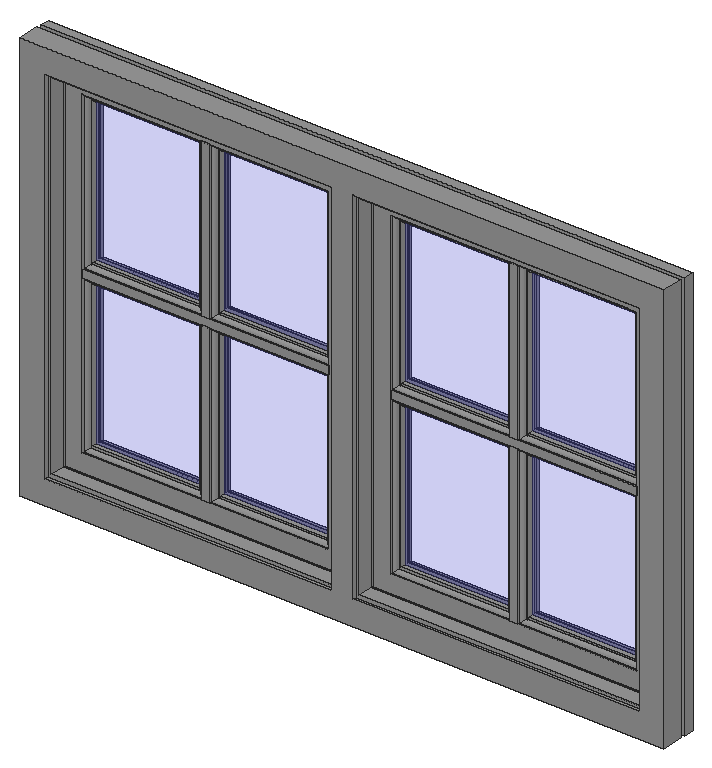
Revit family "MD22SP", category Windows, host Wall, Revit 2015
Parameters (values of type "MD22SP")
  Height = 663 mm
  Default Lintel Height = 2100 mm
  Wall Closure = By host
  Width = 1040 mm
Reference planes
  plane 1 "Center (Front/Back)": y = 0
  plane 2 "Center (Left/Right)": x = 0
  plane 3 "Left": x = -520
  plane 4 "Right": x = 520
  plane 5 "Sill": z = 1437
  plane 6 "Head": z = 2100
  plane 7 "Exterior": y = 100
  plane 8 "Interior": y = -100
  plane 9: y = -28.5
  plane 10: y = 23.5
  plane 11: z = 1768.5
Forms (mm)
  Sweep 1, solid, material "Lauan, Meranti"
    path origin (-10500, 23.5, 2100) x (0, 0, -1) y (-1, 0, 0)
      loop
        line (0, -11020) -> (663, -11020) -> (663, -9980) -> (0, -9980) -> (0, -11020)
    profile origin (0, 23.5, 2100) x (0, 0, 1) y (0, 1, 0)
      loop
        line (0, -10) -> (0, 5) -> (-29, 5) -> (-29, -20) -> (-37.5, -20) -> (-37.5, -26) -> (-40.5, -26) -> (-40.5, -20) -> (-44, -20) -> (-44, -46) -> (-39, -46) -> (-39, -52) -> (0, -52) -> (0, -18) -> (-10, -18) -> (-10, -10) -> (0, -10)
  Extrusion 2, solid, material "Lauan, Meranti"
    sketch origin (0, 0, 0) x (1, 0, 0) y (0, 1, 0)
      loop
        line (22, -22.5) -> (22, 3.5) -> (18.5, 3.5) -> (18.5, -2.5) -> (15.5, -2.5) -> (15.5, 3.5) -> (7, 3.5) -> (7, 28.5) -> (-7, 28.5) -> (-7, 3.5) -> (-15.5, 3.5) -> (-15.5, -2.5) -> (-18.5, -2.5) -> (-18.5, 3.5) -> (-22, 3.5) -> (-22, -22.5) -> (-17, -22.5) -> (-17, -28.5) -> (17, -28.5) -> (17, -22.5) -> (22, -22.5)
    from 1466 to 2071
  Sweep 3, solid, material "Rubber"
    path origin (-10500, 23.5, 2100) x (0, 0, -1) y (-1, 0, 0)
      loop
        line (37.5, -10982.5) -> (625.5, -10982.5) -> (625.5, -10515.5) -> (37.5, -10515.5) -> (37.5, -10982.5)
    profile origin (249, 23.5, 2062.5) x (0, 0, 1) y (0, 1, 0)
      loop
        line (-1.5, -25) -> (0.5, -24.464) -> (-0.5, -24.464) -> (-0.5, -22.698) -> (0.5, -22.43) -> (-0.5, -22.43) -> (-0.5, -20) -> (3.5, -20) -> (3.5, -17) -> (-1.5, -15) -> (-6.5, -17) -> (-6.5, -20) -> (-2.5, -20) -> (-2.5, -22.43) -> (-3.5, -22.43) -> (-2.5, -22.698) -> (-2.5, -24.464) -> (-3.5, -24.464) -> (-1.5, -25)
  Sweep 4, solid, material "Rubber"
    path origin (-10500, 23.5, 2100) x (0, 0, -1) y (-1, 0, 0)
      loop
        line (37.5, -10484.5) -> (625.5, -10484.5) -> (625.5, -10017.5) -> (37.5, -10017.5) -> (37.5, -10484.5)
    profile origin (-249, 23.5, 2062.5) x (0, 0, 1) y (0, 1, 0)
      loop
        line (-0.5, -20) -> (3.5, -20) -> (3.5, -17) -> (-1.5, -15) -> (-6.5, -17) -> (-6.5, -20) -> (-2.5, -20) -> (-2.5, -22.43) -> (-3.5, -22.43) -> (-2.5, -22.698) -> (-2.5, -24.464) -> (-3.5, -24.464) -> (-1.5, -25) -> (0.5, -24.464) -> (-0.5, -24.464) -> (-0.5, -22.698) -> (0.5, -22.43) -> (-0.5, -22.43) -> (-0.5, -20)
  Sweep 5, solid, material "Lauan, Meranti"
    path origin (-10500, 23.5, 2100) x (0, 0, -1) y (-1, 0, 0)
      loop
        line (29, -10991) -> (634, -10991) -> (634, -10507) -> (29, -10507) -> (29, -10991)
    profile origin (249, 23.5, 2071) x (0, 0, 1) y (0, 1, 0)
      loop
        line (-1, 25) -> (-43, 25) -> (-43, 0) -> (-52, 0) -> (-52, -8) -> (-49, -8)
        arc (-49, -8) -> (-47.243, -12.243) -> (-43, -14) r 6
        line (-43, -14) -> (-43, -17) -> (-10, -17) -> (-10, -13) -> (-12, -13) -> (-12, -8) -> (-14, -7.464) -> (-14, -2.536) -> (-12, -2) -> (-12, 5) -> (5, 5) -> (5, 19)
        arc (5, 19) -> (3.242, 23.243) -> (-1, 25) r 6
  Sweep 6, solid, material "Lauan, Meranti"
    path origin (-10500, 23.5, 2100) x (0, 0, -1) y (-1, 0, 0)
      loop
        line (29, -10493) -> (634, -10493) -> (634, -10009) -> (29, -10009) -> (29, -10493)
    profile origin (-249, 23.5, 2071) x (0, 0, 1) y (0, 1, 0)
      loop
        line (-1, 25) -> (-43, 25) -> (-43, 0) -> (-52, 0) -> (-52, -8) -> (-49, -8)
        arc (-49, -8) -> (-47.243, -12.243) -> (-43, -14) r 6
        line (-43, -14) -> (-43, -17) -> (-10, -17) -> (-10, -13) -> (-12, -13) -> (-12, -8) -> (-14, -7.464) -> (-14, -2.536) -> (-12, -2) -> (-12, 5) -> (5, 5) -> (5, 19)
        arc (5, 19) -> (3.242, 23.243) -> (-1, 25) r 6
  Sweep 7, solid, material "Lauan, Meranti"
    path origin (249, 100, 0) x (1, 0, 0) y (0, 0, 1)
      loop
        line (199, 2028) -> (6.5, 2028) -> (6.5, 1775) -> (199, 1775) -> (199, 2028)
    profile origin (351.75, 100, 2028) x (0, 0, -1) y (0, -1, 0)
      loop
        arc (0, 62.1) -> (4.67, 63.734) -> (7, 68.1) r 6.807
        line (7, 68.1) -> (9, 68.1) -> (9, 70.1) -> (0, 70.1) -> (0, 62.1)
  Extrusion 8, solid, material "Lauan, Meranti"
    sketch origin (-22, 0, 0) x (0, -1, 0) y (0, 0, 1)
      loop
        line (-48.5, 1762) -> (-23.5, 1762) -> (-23.5, 1753) -> (-15.5, 1753) -> (-15.5, 1756)
        arc (-15.5, 1756) -> (-11.257, 1757.757) -> (-9.5, 1762) r 6
        line (-9.5, 1762) -> (-6.5, 1762) -> (-6.5, 1775) -> (-9.5, 1775)
        arc (-9.5, 1775) -> (-11.257, 1779.243) -> (-15.5, 1781) r 6
        line (-15.5, 1781) -> (-15.5, 1784) -> (-23.5, 1784) -> (-23.5, 1775) -> (-48.5, 1775) -> (-48.5, 1762)
    from -470 to -72
  Extrusion 9, solid, material "Lauan, Meranti"
    sketch origin (249, 25, 0) x (1, 0, 0) y (0, 1, 0)
      loop
        line (-6.5, 23.5) -> (-6.5, -1.5) -> (-15.5, -1.5) -> (-15.5, -9.5) -> (-12.5, -9.5)
        arc (-12.5, -9.5) -> (-10.743, -13.743) -> (-6.5, -15.5) r 6
        line (-6.5, -15.5) -> (-6.5, -18.5) -> (6.5, -18.5) -> (6.5, -15.5)
        arc (6.5, -15.5) -> (10.743, -13.743) -> (12.5, -9.5) r 6
        line (12.5, -9.5) -> (15.5, -9.5) -> (15.5, -1.5) -> (6.5, -1.5) -> (6.5, 23.5) -> (-6.5, 23.5)
    from 1509 to 1762
  Extrusion 10, solid, material "Lauan, Meranti"
    sketch origin (249, 25, 200) x (1, 0, 0) y (0, 1, 0)
      loop
        line (-6.5, 23.5) -> (-6.5, -1.5) -> (-15.5, -1.5) -> (-15.5, -9.5) -> (-12.5, -9.5)
        arc (-12.5, -9.5) -> (-10.743, -13.743) -> (-6.5, -15.5) r 6
        line (-6.5, -15.5) -> (-6.5, -18.5) -> (6.5, -18.5) -> (6.5, -15.5)
        arc (6.5, -15.5) -> (10.743, -13.743) -> (12.5, -9.5) r 6
        line (12.5, -9.5) -> (15.5, -9.5) -> (15.5, -1.5) -> (6.5, -1.5) -> (6.5, 23.5) -> (-6.5, 23.5)
    from 1575 to 1828
  Extrusion 11, solid, material "Glass"
    sketch origin (-10500, 23.5, 2100) x (0, 0, -1) y (-1, 0, 0)
      loop
        line (72, -10742.5) -> (325, -10742.5) -> (325, -10550) -> (72, -10550) -> (72, -10742.5)
      loop
        line (338, -10742.5) -> (591, -10742.5) -> (591, -10550) -> (338, -10550) -> (338, -10742.5)
      loop
        line (338, -10948) -> (591, -10948) -> (591, -10755.5) -> (338, -10755.5) -> (338, -10948)
      loop
        line (72.011, -10947.986) -> (324.989, -10947.986) -> (324.989, -10755.51) -> (72.011, -10755.51) -> (72.011, -10947.986)
    from 0 to 6.4
  Sweep 12, solid, material "Lauan, Meranti"
    path origin (-0.928, 100, -71.666) x (1, 0, 0) y (0, 0, 1)
      loop
        line (243.428, 2099.666) -> (50.928, 2099.666) -> (50.928, 1846.666) -> (243.428, 1846.666) -> (243.428, 2099.666)
    profile origin (146.25, 100, 2028) x (0, 0, -1) y (0, -1, 0)
      loop
        arc (0, 62.1) -> (4.67, 63.734) -> (7, 68.1) r 6.807
        line (7, 68.1) -> (9, 68.1) -> (9, 70.1) -> (0, 70.1) -> (0, 62.1)
  Sweep 13, solid, material "Lauan, Meranti"
    path origin (347.268, 100, -306.527) x (1, 0, 0) y (0, 0, 1)
      loop
        line (100.732, 2068.527) -> (-91.768, 2068.527) -> (-91.768, 1815.527) -> (100.732, 1815.527) -> (100.732, 2068.527)
    profile origin (351.75, 100, 1762) x (0, 0, -1) y (0, -1, 0)
      loop
        arc (0, 62.1) -> (4.67, 63.734) -> (7, 68.1) r 6.807
        line (7, 68.1) -> (9, 68.1) -> (9, 70.1) -> (0, 70.1) -> (0, 62.1)
  Sweep 14, solid, material "Lauan, Meranti"
    path origin (8.562, 100, -336.16) x (1, 0, 0) y (0, 0, 1)
      loop
        line (233.938, 2098.16) -> (41.439, 2098.16) -> (41.439, 1845.16) -> (233.938, 1845.16) -> (233.938, 2098.16)
    profile origin (146.25, 100, 1762) x (0, 0, -1) y (0, -1, 0)
      loop
        arc (0, 62.1) -> (4.67, 63.734) -> (7, 68.1) r 6.807
        line (7, 68.1) -> (9, 68.1) -> (9, 70.1) -> (0, 70.1) -> (0, 62.1)
  Sweep 15, solid, material "Lauan, Meranti"
    path origin (-249, 100, 0) x (1, 0, 0) y (0, 0, 1)
      loop
        line (199, 2028) -> (6.5, 2028) -> (6.5, 1775) -> (199, 1775) -> (199, 2028)
    profile origin (-146.25, 100, 2028) x (0, 0, -1) y (0, -1, 0)
      loop
        arc (0, 62.1) -> (4.67, 63.734) -> (7, 68.1) r 6.807
        line (7, 68.1) -> (9, 68.1) -> (9, 70.1) -> (0, 70.1) -> (0, 62.1)
  Extrusion 16, solid, material "Lauan, Meranti"
    sketch origin (-520, 0, 0) x (0, -1, 0) y (0, 0, 1)
      loop
        line (-48.5, 1762) -> (-23.5, 1762) -> (-23.5, 1753) -> (-15.5, 1753) -> (-15.5, 1756)
        arc (-15.5, 1756) -> (-11.257, 1757.757) -> (-9.5, 1762) r 6
        line (-9.5, 1762) -> (-6.5, 1762) -> (-6.5, 1775) -> (-9.5, 1775)
        arc (-9.5, 1775) -> (-11.257, 1779.243) -> (-15.5, 1781) r 6
        line (-15.5, 1781) -> (-15.5, 1784) -> (-23.5, 1784) -> (-23.5, 1775) -> (-48.5, 1775) -> (-48.5, 1762)
    from -470 to -72
  Extrusion 17, solid, material "Lauan, Meranti"
    sketch origin (-249, 25, 0) x (1, 0, 0) y (0, 1, 0)
      loop
        line (-6.5, 23.5) -> (-6.5, -1.5) -> (-15.5, -1.5) -> (-15.5, -9.5) -> (-12.5, -9.5)
        arc (-12.5, -9.5) -> (-10.743, -13.743) -> (-6.5, -15.5) r 6
        line (-6.5, -15.5) -> (-6.5, -18.5) -> (6.5, -18.5) -> (6.5, -15.5)
        arc (6.5, -15.5) -> (10.743, -13.743) -> (12.5, -9.5) r 6
        line (12.5, -9.5) -> (15.5, -9.5) -> (15.5, -1.5) -> (6.5, -1.5) -> (6.5, 23.5) -> (-6.5, 23.5)
    from 1509 to 1762
  Extrusion 18, solid, material "Lauan, Meranti"
    sketch origin (-249, 25, 200) x (1, 0, 0) y (0, 1, 0)
      loop
        line (-6.5, 23.5) -> (-6.5, -1.5) -> (-15.5, -1.5) -> (-15.5, -9.5) -> (-12.5, -9.5)
        arc (-12.5, -9.5) -> (-10.743, -13.743) -> (-6.5, -15.5) r 6
        line (-6.5, -15.5) -> (-6.5, -18.5) -> (6.5, -18.5) -> (6.5, -15.5)
        arc (6.5, -15.5) -> (10.743, -13.743) -> (12.5, -9.5) r 6
        line (12.5, -9.5) -> (15.5, -9.5) -> (15.5, -1.5) -> (6.5, -1.5) -> (6.5, 23.5) -> (-6.5, 23.5)
    from 1575 to 1828
  Extrusion 19, solid, material "Glass"
    sketch origin (-10998, 23.5, 2100) x (0, 0, -1) y (-1, 0, 0)
      loop
        line (72, -10742.5) -> (325, -10742.5) -> (325, -10550) -> (72, -10550) -> (72, -10742.5)
      loop
        line (338, -10742.5) -> (591, -10742.5) -> (591, -10550) -> (338, -10550) -> (338, -10742.5)
      loop
        line (338, -10948) -> (591, -10948) -> (591, -10755.5) -> (338, -10755.5) -> (338, -10948)
      loop
        line (72.011, -10947.986) -> (324.989, -10947.986) -> (324.989, -10755.51) -> (72.011, -10755.51) -> (72.011, -10947.986)
    from 0 to 6.4
  Sweep 20, solid, material "Lauan, Meranti"
    path origin (-498.928, 100, -71.666) x (1, 0, 0) y (0, 0, 1)
      loop
        line (243.428, 2099.666) -> (50.928, 2099.666) -> (50.928, 1846.666) -> (243.428, 1846.666) -> (243.428, 2099.666)
    profile origin (-351.75, 100, 2028) x (0, 0, -1) y (0, -1, 0)
      loop
        arc (0, 62.1) -> (4.67, 63.734) -> (7, 68.1) r 6.807
        line (7, 68.1) -> (9, 68.1) -> (9, 70.1) -> (0, 70.1) -> (0, 62.1)
  Sweep 21, solid, material "Lauan, Meranti"
    path origin (-150.732, 100, -306.527) x (1, 0, 0) y (0, 0, 1)
      loop
        line (100.732, 2068.527) -> (-91.768, 2068.527) -> (-91.768, 1815.527) -> (100.732, 1815.527) -> (100.732, 2068.527)
    profile origin (-146.25, 100, 1762) x (0, 0, -1) y (0, -1, 0)
      loop
        arc (0, 62.1) -> (4.67, 63.734) -> (7, 68.1) r 6.807
        line (7, 68.1) -> (9, 68.1) -> (9, 70.1) -> (0, 70.1) -> (0, 62.1)
  Sweep 22, solid, material "Lauan, Meranti"
    path origin (-489.438, 100, -336.16) x (1, 0, 0) y (0, 0, 1)
      loop
        line (233.938, 2098.16) -> (41.439, 2098.16) -> (41.439, 1845.16) -> (233.938, 1845.16) -> (233.938, 2098.16)
    profile origin (-351.75, 100, 1762) x (0, 0, -1) y (0, -1, 0)
      loop
        arc (0, 62.1) -> (4.67, 63.734) -> (7, 68.1) r 6.807
        line (7, 68.1) -> (9, 68.1) -> (9, 70.1) -> (0, 70.1) -> (0, 62.1)
Cuts and joins
  joined: Sweep 1, Extrusion 2
Lines and regions (mm)
  Opening 1
    outline origin (3500, -100, 0) x (1, 0, 0) y (0, 0, 1)
      loop
        line (-2980, 1437) -> (-2980, 2100) -> (-4020, 2100) -> (-4020, 1437) -> (-2980, 1437)
  model lines
    curve 1: line (-2, 48.5, 2076) -> (-249, 48.5, 1461)
    curve 2: line (-249, 48.5, 1461) -> (-496.082, 48.5, 2076.08)
    curve 3: line (496, 48.5, 2076) -> (249, 48.5, 1461)
    curve 4: line (249, 48.5, 1461) -> (1.918, 48.5, 2076.08)
Text (mm)
  text "EXTERIOR" at (-1963.203, 1332.353, 0), in view "Ref. Level"
  text "INTERIOR" at (-1981.466, -818.386, 0), in view "Ref. Level"
  text "Exterior" at (0, 923.751, 2943.296), in view "Right"
  text "Exterior" at (0, 1040.484, 2685.409), in view "Left"
Dimensions and locks
  equal spacing: plane 3 "Left", plane 2 "Center (Left/Right)", plane 4 "Right"
  "Width": plane 3 "Left" to plane 4 "Right"
  "Height": plane 5 "Sill" to plane 6 "Head"
  "Default Lintel Height": plane 6 "Head" to level
  locked: plane 7 "Exterior" to host wall at 0
  locked: plane 8 "Interior" to host wall
  locked: plane 10 to plane 9 at 52
  equal spacing: plane 5 "Sill", plane 11, plane 6 "Head"
  aligned and locked: Sweep 1 sketch curve to host wall  (x4)
  aligned and locked: Extrusion 2 to Sweep 1  (x2)
  aligned and locked: Sweep 3 sketch curve to Sweep 1  (x2)
  aligned and locked: Sweep 1 to Sweep 3 sketch curve
  aligned and locked: Extrusion 2 to Sweep 3 sketch curve
  aligned and locked: Sweep 1 to Sweep 4 sketch curve
  aligned and locked: Extrusion 2 to Sweep 4 sketch curve
  aligned and locked: Sweep 4 sketch curve to Sweep 1  (x2)
  aligned and locked: Sweep 5 sketch curve to Sweep 1  (x2)
  aligned and locked: Sweep 5 sketch curve to Extrusion 2  (x2)
  aligned and locked: Sweep 6 sketch curve to Extrusion 2  (x2)
  aligned and locked: Sweep 6 sketch curve to Sweep 1  (x2)
  aligned and locked: Extrusion 9 to Extrusion 8
  aligned and locked: Extrusion 10 to Extrusion 8
  aligned and locked: Sweep 7 sketch curve to Extrusion 8
  aligned and locked: Sweep 7 sketch curve to Extrusion 10
  aligned and locked: Sweep 7 sketch curve to Sweep 5  (x2)
  aligned and locked: Extrusion 11 sketch curve to Extrusion 10  (x2)
  aligned and locked: Extrusion 11 sketch curve to Extrusion 8  (x4)
  aligned and locked: Extrusion 11 sketch curve to Extrusion 9  (x4)
  aligned and locked: Extrusion 11 sketch curve to Sweep 5  (x3)
  aligned and locked: Sweep 5 to Extrusion 11 sketch curve
  aligned and locked: Extrusion 11 sketch curve to Sweep 7  (x2)
  aligned and locked: Sweep 12 sketch curve to Extrusion 8
  aligned and locked: Sweep 12 sketch curve to Extrusion 10
  aligned and locked: Sweep 12 sketch curve to Sweep 5  (x2)
  aligned and locked: Sweep 14 sketch curve to Extrusion 8
  aligned and locked: Sweep 14 sketch curve to Extrusion 9
  aligned and locked: Sweep 14 sketch curve to Sweep 5  (x2)
  aligned and locked: Sweep 13 sketch curve to Extrusion 9
  aligned and locked: Sweep 13 sketch curve to Sweep 5  (x2)
  aligned and locked: Sweep 13 sketch curve to Extrusion 8
  aligned and locked: Extrusion 10 to Sweep 5
  aligned and locked: Extrusion 9 to Sweep 5
  aligned and locked: Extrusion 8 to Sweep 5  (x2)
  aligned and locked: Extrusion 17 to Extrusion 16
  aligned and locked: Extrusion 18 to Extrusion 16
  aligned and locked: Sweep 15 sketch curve to Extrusion 16
  aligned and locked: Sweep 15 sketch curve to Extrusion 18
  aligned and locked: Extrusion 19 sketch curve to Extrusion 18  (x2)
  aligned and locked: Extrusion 19 sketch curve to Extrusion 16  (x4)
  aligned and locked: Extrusion 19 sketch curve to Extrusion 17  (x4)
  aligned and locked: Extrusion 19 sketch curve to Sweep 15  (x2)
  aligned and locked: Sweep 20 sketch curve to Extrusion 16
  aligned and locked: Sweep 20 sketch curve to Extrusion 18
  aligned and locked: Sweep 22 sketch curve to Extrusion 16
  aligned and locked: Sweep 22 sketch curve to Extrusion 17
  aligned and locked: Sweep 21 sketch curve to Extrusion 17
  aligned and locked: Sweep 21 sketch curve to Extrusion 16
Automatic sketch dimensions
  plane 3 "Left" to Opening 1 sketch curve = 0 mm
  plane 4 "Right" to Opening 1 sketch curve = 0 mm
  Opening 1 sketch curve to plane 5 "Sill" = 0 mm
  Opening 1 sketch curve to plane 6 "Head" = 0 mm
  curve 2 to plane 5 "Sill" = 24 mm
  plane 2 "Center (Left/Right)" to curve 2 = 249 mm
  curve 4 to plane 5 "Sill" = 24 mm
  curve 4 to plane 2 "Center (Left/Right)" = 249 mm
  curve 2 to plane 3 "Left" = 23.918 mm
  plane 2 "Center (Left/Right)" to curve 1 = 2 mm
  curve 4 to plane 2 "Center (Left/Right)" = 1.918 mm
  plane 4 "Right" to curve 3 = 24 mm
  plane 6 "Head" to curve 3 = 24 mm
  plane 6 "Head" to curve 1 = 24 mm
  curve 1 to curve 4 = 0.08 mm
  plane 6 "Head" to curve 2 = 23.92 mm
  profile plane to Sweep 1 sketch curve = 0 mm  (x2)
  profile plane to Sweep 1 sketch curve = 10 mm
  plane 10 to Sweep 1 sketch curve = 5 mm
  Sweep 1 sketch curve to Sweep 1 sketch curve = 19 mm
  Sweep 1 sketch curve to Sweep 1 sketch curve = 8.5 mm
  Sweep 1 sketch curve to Sweep 1 sketch curve = 1.5 mm
  Sweep 1 sketch curve to Sweep 1 sketch curve = 3 mm
  Sweep 1 sketch curve to Sweep 1 sketch curve = 3.5 mm
  Sweep 1 sketch curve to plane 10 = 10 mm
  Sweep 1 sketch curve to Sweep 1 sketch curve = 8 mm
  Sweep 1 sketch curve to plane 10 = 20 mm
  Sweep 1 sketch curve to Sweep 1 sketch curve = 0 mm
  Sweep 1 sketch curve to Sweep 1 sketch curve = 6 mm  (x2)
  Sweep 1 sketch curve to Sweep 1 sketch curve = 20 mm
  Extrusion 2 sketch curve to plane 9 = 0 mm
  Extrusion 2 sketch curve to host wall = 3.5 mm  (x3)
  plane 2 "Center (Left/Right)" to Extrusion 2 sketch curve = 22 mm
  host wall to Extrusion 2 sketch curve = 2.5 mm  (x2)
  Extrusion 2 sketch curve to Extrusion 2 sketch curve = 3.5 mm  (x2)
  Extrusion 2 sketch curve to Extrusion 2 sketch curve = 5 mm
  Extrusion 2 sketch curve to Extrusion 2 sketch curve = 3 mm  (x2)
  plane 2 "Center (Left/Right)" to Extrusion 2 sketch curve = 7 mm
  Extrusion 2 sketch curve to plane 2 "Center (Left/Right)" = 7 mm
  Extrusion 2 sketch curve to Extrusion 2 sketch curve = 8.5 mm
  Extrusion 2 sketch curve to plane 2 "Center (Left/Right)" = 17 mm
  plane 9 to Extrusion 2 sketch curve = 6 mm  (x2)
  Extrusion 2 sketch curve to Extrusion 2 sketch curve = 0 mm
  plane 10 to Extrusion 2 sketch curve = 5 mm
  profile plane to Sweep 3 sketch curve = 6.5 mm
  profile plane to Sweep 3 sketch curve = 3.5 mm
  Sweep 3 sketch curve to Sweep 3 sketch curve = 0 mm  (x3)
  Sweep 3 sketch curve to Sweep 3 sketch curve = 1 mm  (x2)
  profile plane to Sweep 3 sketch curve = 1.5 mm
  profile plane to Sweep 3 sketch curve = 0.5 mm  (x2)
  Sweep 3 sketch curve to profile plane = 0.5 mm  (x2)
  Sweep 3 sketch curve to profile plane = 3.5 mm
  Sweep 3 sketch curve to plane 10 = 25 mm
  Sweep 3 sketch curve to Sweep 3 sketch curve = 0.536 mm  (x2)
  Sweep 3 sketch curve to Sweep 3 sketch curve = 1.766 mm  (x2)
  Sweep 3 sketch curve to Sweep 3 sketch curve = 0.268 mm  (x2)
  Sweep 3 sketch curve to Sweep 3 sketch curve = 2.43 mm
  Sweep 3 sketch curve to Sweep 3 sketch curve = 3 mm  (x2)
  Sweep 3 sketch curve to Sweep 3 sketch curve = 5 mm
  profile plane to Sweep 4 sketch curve = 6.5 mm
  profile plane to Sweep 4 sketch curve = 3.5 mm
  Sweep 4 sketch curve to Sweep 4 sketch curve = 1 mm  (x3)
  profile plane to Sweep 4 sketch curve = 2.5 mm
  profile plane to Sweep 4 sketch curve = 1.5 mm
  profile plane to Sweep 4 sketch curve = 0.5 mm
  Sweep 4 sketch curve to Sweep 4 sketch curve = 0 mm  (x3)
  Sweep 4 sketch curve to profile plane = 0.5 mm  (x2)
  Sweep 4 sketch curve to profile plane = 3.5 mm
  Sweep 4 sketch curve to plane 10 = 25 mm
  Sweep 4 sketch curve to Sweep 4 sketch curve = 0.536 mm  (x2)
  Sweep 4 sketch curve to Sweep 4 sketch curve = 1.766 mm  (x2)
  Sweep 4 sketch curve to Sweep 4 sketch curve = 0.268 mm  (x2)
  Sweep 4 sketch curve to Sweep 4 sketch curve = 2.43 mm
  Sweep 4 sketch curve to Sweep 4 sketch curve = 3 mm  (x2)
  Sweep 4 sketch curve to Sweep 4 sketch curve = 5 mm
  Sweep 5 sketch curve to plane 10 = 0 mm
  profile plane to Sweep 5 sketch curve = 52 mm
  Sweep 5 sketch curve to Sweep 5 sketch curve = 3 mm  (x2)
  Sweep 5 sketch curve to Sweep 5 sketch curve = 9 mm
  Sweep 5 sketch curve to Sweep 5 sketch curve = 6 mm
  profile plane to Sweep 5 sketch curve = 14 mm
  Sweep 5 sketch curve to Sweep 5 sketch curve = 2 mm  (x3)
  profile plane to Sweep 5 sketch curve = 1 mm
  Sweep 5 sketch curve to profile plane = 5 mm
  Sweep 5 sketch curve to plane 10 = 2 mm
  Sweep 5 sketch curve to Sweep 5 sketch curve = 0.536 mm  (x2)
  Sweep 5 sketch curve to Sweep 5 sketch curve = 4.928 mm
  Sweep 5 sketch curve to plane 10 = 8 mm
  Sweep 5 sketch curve to Sweep 5 sketch curve = 5 mm
  plane 10 to Sweep 5 sketch curve = 5 mm
  Sweep 5 sketch curve to Sweep 5 sketch curve = 14 mm
  Sweep 6 sketch curve to plane 10 = 0 mm
  profile plane to Sweep 6 sketch curve = 52 mm
  Sweep 6 sketch curve to Sweep 6 sketch curve = 3 mm  (x2)
  Sweep 6 sketch curve to Sweep 6 sketch curve = 9 mm
  Sweep 6 sketch curve to Sweep 6 sketch curve = 6 mm
  profile plane to Sweep 6 sketch curve = 14 mm
  Sweep 6 sketch curve to Sweep 6 sketch curve = 2 mm  (x3)
  profile plane to Sweep 6 sketch curve = 1 mm
  Sweep 6 sketch curve to profile plane = 5 mm
  Sweep 6 sketch curve to plane 10 = 2 mm
  Sweep 6 sketch curve to Sweep 6 sketch curve = 0.536 mm  (x2)
  Sweep 6 sketch curve to Sweep 6 sketch curve = 4.928 mm
  Sweep 6 sketch curve to plane 10 = 8 mm
  Sweep 6 sketch curve to Sweep 6 sketch curve = 5 mm
  plane 10 to Sweep 6 sketch curve = 5 mm
  Sweep 6 sketch curve to Sweep 6 sketch curve = 14 mm
  Sweep 7 sketch curve to profile plane = 0 mm
  Sweep 7 sketch curve to profile plane = 0.241 mm
  Sweep 7 sketch curve to Sweep 7 sketch curve = 6.759 mm
  Sweep 7 sketch curve to Sweep 7 sketch curve = 2 mm  (x2)
  profile plane to Sweep 7 sketch curve = 62.1 mm
  Sweep 7 sketch curve to Sweep 7 sketch curve = 6 mm
  Extrusion 8 sketch curve to plane 10 = 0 mm  (x2)
  plane 11 to Extrusion 8 sketch curve = 6.5 mm  (x2)
  Extrusion 8 sketch curve to Extrusion 8 sketch curve = 25 mm
  Extrusion 8 sketch curve to plane 10 = 8 mm  (x2)
  Extrusion 8 sketch curve to Extrusion 8 sketch curve = 6 mm  (x2)
  Extrusion 8 sketch curve to Extrusion 8 sketch curve = 3 mm  (x3)
  Extrusion 8 sketch curve to plane 11 = 6.5 mm  (x2)
  Extrusion 9 sketch curve to plane 10 = 0 mm  (x2)
  Extrusion 9 sketch curve to plane 10 = 8 mm
  Extrusion 9 sketch curve to plane 2 "Center (Left/Right)" = 233.5 mm
  Extrusion 9 sketch curve to Extrusion 9 sketch curve = 3 mm  (x3)
  Extrusion 9 sketch curve to Extrusion 9 sketch curve = 9 mm
  Extrusion 9 sketch curve to Extrusion 9 sketch curve = 6 mm  (x2)
  Extrusion 9 sketch curve to Extrusion 9 sketch curve = 13 mm  (x2)
  Extrusion 9 sketch curve to host wall = 9.5 mm
  plane 10 to Extrusion 9 sketch curve = 25 mm
  Extrusion 10 sketch curve to plane 10 = 0 mm  (x2)
  Extrusion 10 sketch curve to plane 10 = 8 mm
  Extrusion 10 sketch curve to plane 2 "Center (Left/Right)" = 233.5 mm
  Extrusion 10 sketch curve to Extrusion 10 sketch curve = 3 mm  (x3)
  Extrusion 10 sketch curve to Extrusion 10 sketch curve = 9 mm
  Extrusion 10 sketch curve to Extrusion 10 sketch curve = 6 mm  (x2)
  Extrusion 10 sketch curve to Extrusion 10 sketch curve = 13 mm  (x2)
  Extrusion 10 sketch curve to host wall = 9.5 mm
  plane 10 to Extrusion 10 sketch curve = 25 mm
  Sweep 12 sketch curve to profile plane = 0 mm
  Sweep 12 sketch curve to profile plane = 0.241 mm
  Sweep 12 sketch curve to Sweep 12 sketch curve = 6.759 mm
  Sweep 12 sketch curve to Sweep 12 sketch curve = 2 mm  (x2)
  profile plane to Sweep 12 sketch curve = 62.1 mm
  Sweep 12 sketch curve to Sweep 12 sketch curve = 6 mm
  Sweep 13 sketch curve to profile plane = 0 mm
  Sweep 13 sketch curve to profile plane = 0.241 mm
  Sweep 13 sketch curve to Sweep 13 sketch curve = 6.759 mm
  Sweep 13 sketch curve to Sweep 13 sketch curve = 2 mm  (x2)
  profile plane to Sweep 13 sketch curve = 62.1 mm
  Sweep 13 sketch curve to Sweep 13 sketch curve = 6 mm
  Sweep 14 sketch curve to profile plane = 0 mm
  Sweep 14 sketch curve to profile plane = 0.241 mm
  Sweep 14 sketch curve to Sweep 14 sketch curve = 6.759 mm
  Sweep 14 sketch curve to Sweep 14 sketch curve = 2 mm  (x2)
  profile plane to Sweep 14 sketch curve = 62.1 mm
  Sweep 14 sketch curve to Sweep 14 sketch curve = 6 mm
  plane 2 "Center (Left/Right)" to Sweep 15 sketch curve = 50 mm
  plane 6 "Head" to Sweep 15 sketch curve = 72 mm
  Sweep 15 sketch curve to profile plane = 0 mm
  Sweep 15 sketch curve to profile plane = 0.241 mm
  Sweep 15 sketch curve to Sweep 15 sketch curve = 6.759 mm
  Sweep 15 sketch curve to Sweep 15 sketch curve = 2 mm  (x2)
  profile plane to Sweep 15 sketch curve = 62.1 mm
  Sweep 15 sketch curve to Sweep 15 sketch curve = 6 mm
  Extrusion 16 sketch curve to plane 10 = 0 mm  (x2)
  plane 11 to Extrusion 16 sketch curve = 6.5 mm  (x2)
  Extrusion 16 sketch curve to Extrusion 16 sketch curve = 25 mm
  Extrusion 16 sketch curve to plane 10 = 8 mm  (x2)
  Extrusion 16 sketch curve to Extrusion 16 sketch curve = 6 mm  (x2)
  Extrusion 16 sketch curve to Extrusion 16 sketch curve = 3 mm  (x3)
  Extrusion 16 sketch curve to plane 11 = 6.5 mm  (x2)
  Extrusion 17 sketch curve to plane 10 = 0 mm  (x2)
  Extrusion 17 sketch curve to plane 10 = 8 mm
  Extrusion 17 sketch curve to plane 3 "Left" = 255.5 mm
  Extrusion 17 sketch curve to Extrusion 17 sketch curve = 3 mm  (x3)
  Extrusion 17 sketch curve to Extrusion 17 sketch curve = 9 mm
  Extrusion 17 sketch curve to Extrusion 17 sketch curve = 6 mm  (x2)
  Extrusion 17 sketch curve to Extrusion 17 sketch curve = 13 mm  (x2)
  Extrusion 17 sketch curve to host wall = 9.5 mm
  plane 10 to Extrusion 17 sketch curve = 25 mm
  Extrusion 18 sketch curve to plane 10 = 0 mm  (x2)
  Extrusion 18 sketch curve to plane 10 = 8 mm
  Extrusion 18 sketch curve to plane 3 "Left" = 255.5 mm
  Extrusion 18 sketch curve to Extrusion 18 sketch curve = 3 mm  (x3)
  Extrusion 18 sketch curve to Extrusion 18 sketch curve = 9 mm
  Extrusion 18 sketch curve to Extrusion 18 sketch curve = 6 mm  (x2)
  Extrusion 18 sketch curve to Extrusion 18 sketch curve = 13 mm  (x2)
  Extrusion 18 sketch curve to host wall = 9.5 mm
  plane 10 to Extrusion 18 sketch curve = 25 mm
  plane 6 "Head" to Extrusion 19 sketch curve = 72.011 mm
  Extrusion 19 sketch curve to plane 5 "Sill" = 72 mm
  Extrusion 19 sketch curve to Extrusion 19 sketch curve = 0.013 mm
  Extrusion 19 sketch curve to Extrusion 19 sketch curve = 0 mm
  Sweep 20 sketch curve to plane 3 "Left" = 72 mm
  plane 6 "Head" to Sweep 20 sketch curve = 72 mm
  Sweep 20 sketch curve to profile plane = 0 mm
  Sweep 20 sketch curve to profile plane = 0.241 mm
  Sweep 20 sketch curve to Sweep 20 sketch curve = 6.759 mm
  Sweep 20 sketch curve to Sweep 20 sketch curve = 2 mm  (x2)
  profile plane to Sweep 20 sketch curve = 62.1 mm
  Sweep 20 sketch curve to Sweep 20 sketch curve = 6 mm
  plane 2 "Center (Left/Right)" to Sweep 21 sketch curve = 50 mm
  Sweep 21 sketch curve to plane 5 "Sill" = 72 mm
  Sweep 21 sketch curve to profile plane = 0 mm
  Sweep 21 sketch curve to profile plane = 0.241 mm
  Sweep 21 sketch curve to Sweep 21 sketch curve = 6.759 mm
  Sweep 21 sketch curve to Sweep 21 sketch curve = 2 mm  (x2)
  profile plane to Sweep 21 sketch curve = 62.1 mm
  Sweep 21 sketch curve to Sweep 21 sketch curve = 6 mm
  Sweep 22 sketch curve to plane 3 "Left" = 72 mm
  Sweep 22 sketch curve to plane 5 "Sill" = 72 mm
  Sweep 22 sketch curve to profile plane = 0 mm
  Sweep 22 sketch curve to profile plane = 0.241 mm
  Sweep 22 sketch curve to Sweep 22 sketch curve = 6.759 mm
  Sweep 22 sketch curve to Sweep 22 sketch curve = 2 mm  (x2)
  profile plane to Sweep 22 sketch curve = 62.1 mm
  Sweep 22 sketch curve to Sweep 22 sketch curve = 6 mm
